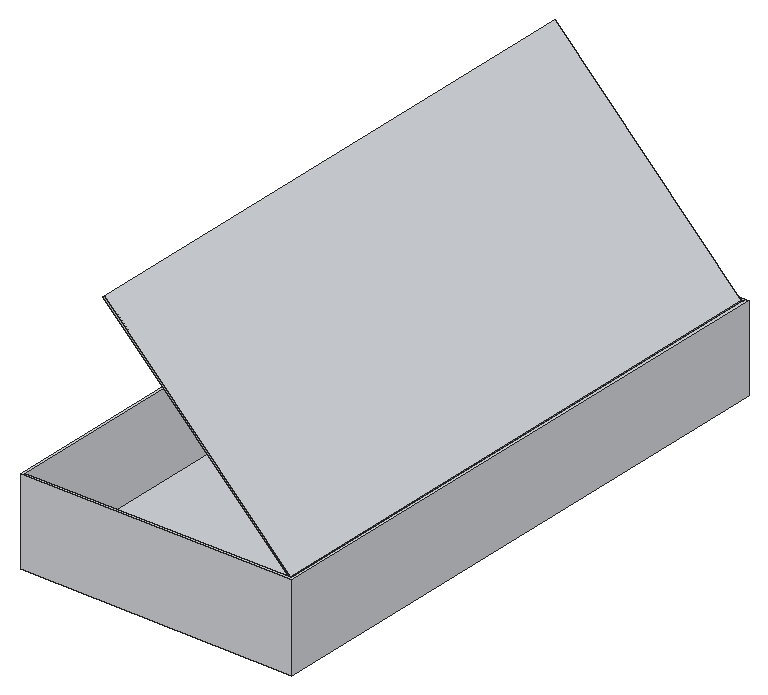
Revit family "Hager-Volta-IP30-Surface_mounted-leer-AT-de", category Electrical Equipment, host Face, Revit 2020
Family settings
  Host = Face
  Panel Configuration = Two Columns, Circuits Across
  Round Connector Dimension = Use Diameter
  Part Type = Panelboard
  Cut with Voids When Loaded = No
  Shared = No
  Room Calculation Point = No
Parameters (values of type "Aufputz IP30 B305 H640 T96.5 12 Teilungseinheiten - VA48WWH")
  Width Control [instance] = if([HG000006 - Unterputz], if([EF000846 - Einbaubreite] > min_whd, [EF000846 - Einbaubreite], min_whd), if([EF000008 - Breite] > min_whd, ([EF000008 - Breite]), min_whd))  # 305 mm
  Void Depth [instance] = if([HG000006 - Unterputz], Depth Control, 1 mm)  # 1 mm
  Type Comments = [HG000003 - Bereich]  # "Volta"
  System Height [instance] = Height Control - 2 * [HG000005 - Dicke]  # 634 mm
  Model = [HG000004 - Herstellerreferenz]  # "VA48WWH"
  HG000017 - Distanz zwischen den Polen = 18 mm
  HG000016 - 3D-Türsichtbarkeit [instance] = yes
  HG000015 - Sichtbarkeit der Türöffnung [instance] = no
  HG000014 - Tür rechts [instance] = yes
  HG000013 - Tür links [instance] = not([HG000014 - Tür rechts])  # no
  HG000012 - Türschwenkwinkel [instance] = 45.00°
  HG000011 - Leere Reihen von unten = no
  HG000010 - Asymmetrische Türen = no
  HG000009 - Doppelflügeligen Tür = no
  HG000008 - Anzahl der leeren Reihen = 0
  HG000007 - Anzahl der leeren Spalten = 0
  HG000006 - Unterputz = no
  HG000005 - Dicke = 3 mm  # constant formula
  HG000004 - Herstellerreferenz = "VA48WWH"
  HG000003 - Bereich = "Volta"
  HG000002 - Mit tür = yes
  HG000001 - Anzahl der Spalten = 0
  EF015941 - Signaldurchlassende Tür = no
  EF015777 - Neutralleiterklemmenblock = no
  EF015776 - Erdungsklemmenblock = no
  EF009212 - Ausführung Deckel = "EV009916 - mit Ausschnitt"
  EF006306 - Mit Schloss = no
  EF006244 - Transparenter Deckel/Tür = no
  EF005474 - Schutzart (IP) = "EV006410 - IP30"
  EF004462 - Art der Schließung = "EV000154 - sonstige"
  EF002950 - Breite in Teilungseinheiten = 12
  EF001596 - Werkstoff des Gehäuses = "EV000154 - sonstige"
  EF001134 - DIN-Schiene = yes
  EF001131 - Innentiefe = 92 mm
  EF001088 - Anbaumöglichkeit = yes
  EF001062 - EMV-Ausführung = no
  EF000846 - Einbaubreite = 0 mm
  EF000339 - Art der Abdeckung = "EV004216 - Tür"
  EF000332 - Einbauhöhe = 0 mm
  EF000266 - Anzahl der Reihen = 0
  EF000218 - Einbautiefe = 0 mm
  EF000118 - Mit Montageplatte = yes
  EF000116 - RAL-Nummer = "9010"
  EF000049 - Tiefe = 96 mm
  EF000040 - Höhe = 640 mm
  EF000008 - Breite = 305 mm
  EF000007 - Farbe = "EV000202 - weiß"
  EF000003 - Montageart = "EV000384 - Aufputz"
  Arrow Offset [instance] = Depth Control / 8  # 12 mm
  Arrow Height [instance] = Depth Control - Arrow Offset  # 84 mm
  Host Offset [instance] = if([HG000006 - Unterputz], 0 mm, [EF000049 - Tiefe])  # 96 mm
  min_whd [instance] = (2 * [HG000005 - Dicke]) + 1 mm  # 7 mm
  Manufacturer = "Hager"  # constant formula
  Height Control [instance] = if([HG000006 - Unterputz], if([EF000332 - Einbauhöhe] > min_whd, [EF000332 - Einbauhöhe], min_whd), if([EF000040 - Höhe] > min_whd, ([EF000040 - Höhe]), min_whd))  # 640 mm
  Flush Mounted - Door Frame Width [instance] = if(([EF000040 - Höhe] - [EF000332 - Einbauhöhe]) > 0 mm, if([HG000006 - Unterputz], [EF000040 - Höhe] - [EF000332 - Einbauhöhe], 0 mm), 0 mm)  # 0 mm
  Depth Control [instance] = if([HG000006 - Unterputz], if([EF000218 - Einbautiefe] > 0 mm, [EF000218 - Einbautiefe], 1 mm), if([EF000049 - Tiefe] > 0 mm, ([EF000049 - Tiefe]), 1 mm))  # 96 mm
  Default Elevation = 0 mm
Types (4, lengths in mm): name | System Height | Model | HG000004 - Herstellerreferenz | EF000040 - Höhe | Height Control
  Aufputz IP30 B305 H515 T96.5 12 Teilungseinheiten - VA36NW | 509 | "VA36NW" | "VA36NW" | 515 | 515
  Aufputz IP30 B305 H515 T96.5 12 Teilungseinheiten - VA36WWH | 509 | "VA36WWH" | "VA36WWH" | 515 | 515
  Aufputz IP30 B305 H640 T96.5 12 Teilungseinheiten - VA48NW | 634 | "VA48NW" | "VA48NW" | 640 | 640
  Aufputz IP30 B305 H640 T96.5 12 Teilungseinheiten - VA48WWH | 634 | "VA48WWH" | "VA48WWH" | 640 | 640
Reference planes
  plane 1 "Center (Front/Back)": y = 0
  plane 2: z = 0
  plane 3 "Center (Left/Right)": x = 0
  plane 4: z = 96
  plane 5: y = 3
  plane 6: z = 91
  plane 7: y = 320
  plane 8: y = 0
  plane 9: y = 640
  plane 10: z = 0
  plane 11: x = -152.5
  plane 12: x = 152.5
  plane 13: x = 149.5
  plane 14: x = -149.5
  plane 15: y = 637
  plane 16: z = 3
  plane 17: z = 93
  plane 18: z = -1
  plane 19: z = 93
Forms (mm)
  Extrusion 1, solid
    sketch origin (-583.045, 0, 1219.2) x (-1, 0, 0) y (0, 0, 1)
      loop
        line (-430.545, -1123.2) -> (-735.545, -1123.2) -> (-735.545, -1219.2) -> (-430.545, -1219.2) -> (-430.545, -1123.2)
    from 0 to 640 <- "Height Control"
  Extrusion 2, void
    sketch origin (-381.607, -4572, 96) x (0, -1, 0) y (-1, 0, 0)
      loop
        line (-5209, -232.107) -> (-5209, -531.107) -> (-4575, -531.107) -> (-4575, -232.107) -> (-5209, -232.107)
    from 0 to 93
  Extrusion 3, void
    sketch origin (0, 0, 0) x (1, 0, 0) y (0, 1, 0)
      loop
        line (-152.5, 0) -> (152.5, 0) -> (152.5, 640) -> (-152.5, 640) -> (-152.5, 0)
    from -1 to 1
  Extrusion 4, solid, detail levels coarse+medium
    sketch origin (-381.607, -4572, 96) x (-1, 0, 0) y (0, -1, 0)
      loop
        line (-232.107, -5209) -> (-232.107, -4575) -> (-531.107, -4575) -> (-531.107, -5209) -> (-232.107, -5209)
    from 0 to -3
Cuts and joins
  Extrusion 2 cuts Extrusion 1
Dimensions and locks
  plane 4 to plane 6 = 5 mm
  "Host Offset": plane 4 to host face
  "Flush Mounted - Door Frame Width": plane 1 "Center (Front/Back)" to plane 8
  "HG000005 - Dicke": plane 5 to plane 8
  locked: connector elem to plane 3 "Center (Left/Right)"
  "Height Control": plane 9 to plane 8
  equal spacing: plane 9, plane 7, plane 8
  locked: connector elem to plane 7
  "Depth Control": plane 4 to plane 10
  "HG000005 - Dicke": plane 11 to plane 14
  "HG000005 - Dicke": plane 12 to plane 13
  equal spacing: plane 11, plane 3 "Center (Left/Right)", plane 12
  "Width Control": plane 11 to plane 12
  "Arrow Offset": nested 4 to plane 10
  "HG000005 - Dicke": plane 9 to plane 15
  "HG000005 - Dicke": plane 16 to plane 10
  "HG000005 - Dicke": plane 4 to plane 17
  "Void Depth": plane 2 to plane 18
  "HG000005 - Dicke": plane 4 to plane 19
  aligned and locked: plane 2 to host face
  aligned and locked: level to host face
  aligned and locked: plane 3 "Center (Left/Right)" to nested 2
  aligned and locked: plane 4 to nested 2
  aligned and locked: nested 2 to plane 8
  aligned and locked: nested 1 to plane 6
  aligned and locked: plane 5 to nested 1
  aligned and locked: nested 4 to plane 11
  aligned and locked: nested 3 to plane 4
  aligned and locked: Extrusion 1 sketch curve to plane 12
  aligned and locked: Extrusion 1 sketch curve to plane 11
  aligned and locked: nested 3 to plane 10
  aligned and locked: plane 10 to Extrusion 1 sketch curve
  aligned and locked: plane 5 to Extrusion 2 sketch curve
  aligned and locked: Extrusion 2 sketch curve to plane 15
  aligned and locked: Extrusion 2 sketch curve to plane 14
  aligned and locked: Extrusion 2 sketch curve to plane 13
  aligned and locked: plane 11 to Extrusion 3 sketch curve
  aligned and locked: plane 9 to Extrusion 3 sketch curve
  aligned and locked: Extrusion 3 sketch curve to plane 8
  aligned and locked: plane 12 to Extrusion 3 sketch curve
  aligned and locked: nested 3 to plane 12
  aligned and locked: Extrusion 3 to plane 18
  aligned and locked: Extrusion 2 to plane 16
  aligned and locked: Extrusion 1 sketch curve to plane 4
  aligned and locked: Extrusion 4 to plane 17
  aligned and locked: Extrusion 4 sketch curve to plane 15
  aligned and locked: Extrusion 4 sketch curve to plane 13
  aligned and locked: Extrusion 4 sketch curve to plane 14
  aligned and locked: plane 5 to Extrusion 4 sketch curve
Automatic sketch dimensions
  host sketch curve to host sketch curve = 1469.727 mm
  host sketch curve to host sketch curve = 1434.803 mm
Nested families
  nested 1: "Hager_Enclosure_System" at (0, 3, 91) x (1, 0, 0) z (0, 1, 0), Depth <- "HG000005 - Dicke", Height <- "System Height", Width <- "EF000008 - Breite", Border <- "HG000005 - Dicke", Flush_Mounted <- "HG000006 - Unterputz", Built-in_Width <- "EF000846 - Einbaubreite", Row_Module_Multiplicator <- "EF002950 - Breite in Teilungseinheiten", Total_No_Empty_Rows <- "HG000008 - Anzahl der leeren Reihen", Total_No_Rows <- "EF000266 - Anzahl der Reihen", Empty_Columns <- "HG000007 - Anzahl der leeren Spalten", Width_Control <- "Width Control", Empty_Rows_From_Bottom <- "HG000011 - Leere Reihen von unten", Distance_Between_Poles <- "HG000017 - Distanz zwischen den Polen", Rows_Count <- "EF000266 - Anzahl der Reihen", Columns_Count <- "HG000001 - Anzahl der Spalten", type "Hager_Enclosure_System", detail levels fine
    with Width_Control 305 mm, Width 305 mm, Total_No_Rows 0, Total_No_Empty_Rows 0, Total_No_Columns 1, System_Width 299 mm, Rows_Count 0, Rows_Column 0, Row_Module_Multiplicator 12, Panel_4 no, Panel_3 no, Panel_2 no, Panel_1 no, No_Panels_Ctrl 1, Hide_Columns yes, Height 634 mm, Flush_Mounted no, Empty_Rows_From_Bottom no, Empty_Rows_Column 0, Empty_Columns 0, Distance_Between_Poles 18 mm, Depth 3 mm, Columns_Count 0, Column_Width 299 mm, Built-in_Width 0 mm, Border 3 mm
  nested 2: "Hager_Enclosure_Door" at (0, 0, 96) x (1, 0, 0) z (0, 1, 0), Border <- "HG000005 - Dicke", Door_Right <- "HG000014 - Tür rechts", Flush_Mounted <- "HG000006 - Unterputz", Depth <- "EF000049 - Tiefe", Width <- "EF000008 - Breite", Door_Left <- "HG000013 - Tür links", 3d_Door <- "HG000016 - 3D-Türsichtbarkeit", BuiltIn_Width <- "EF000846 - Einbaubreite", BuiltIn_Height <- "EF000332 - Einbauhöhe", BuiltIn_Depth <- "EF000218 - Einbautiefe", Angle <- "HG000012 - Türschwenkwinkel", Assymetrical <- "HG000010 - Asymmetrische Türen", Double <- "HG000009 - Doppelflügeligen Tür", Clearance <- "HG000015 - Sichtbarkeit der Türöffnung", Transparent <- "EF006244 - Transparenter Deckel/Tür", Door <- "HG000002 - Mit tür", Height_Ctrl <- "Height Control", Width_Ctrl <- "Width Control", Height <- "EF000040 - Höhe", type "Hager_Enclosure_Door", detail levels medium+fine
    with min_wh 7 mm, Width_Ctrl 305 mm, Width 305 mm, Transparent_Door_No_Bottom_Border no, Transparent no, Leaf_Width 296 mm, Leaf_Tolerance 1.5 mm, Leaf_Height 631 mm, Leaf_2_Width 296 mm, Leaf_2_Offset 148 mm, Leaf_1_Width 296 mm, Leaf_1_Offset 148 mm, Height_Ctrl 640 mm, Height 640 mm, Frame_Width_Ctrl 305 mm, Frame_Width 305 mm, Frame_Internal_Offset 0 mm, Frame_Height_Ctrl 640 mm, Frame_Height 640 mm, Frame_Depth_Ctrl 1 mm, Frame_Depth 0 mm, Flush_Mounted no, Double_Clearance_Ctrl no, Double no, Door_Right_Ctrl yes, Door_Right yes, Door_Left_Ctrl no, Door_Left no, Door yes, Depth 96 mm, Clearance_Depth 296 mm, Clearance_Ctrl no, Clearance no, BuiltIn_Width 0 mm, BuiltIn_Height 0 mm, BuiltIn_Depth 0 mm, Border 3 mm, Assymetrical no, Angle 45.00°, 3d_Door yes
  nested 3: "Hager_Enclosure_Symbol_Triangle" at (-152.5, 0, 0) x (1, 0, 0) z (0, -1, 0), Depth <- "Depth Control", Width <- "Width Control", type "Hager_Enclosure_Symbol_Triangle"
    with Width_Ctrl 305 mm, Width 305 mm, Depth_Ctrl 96 mm, Depth 96 mm
  nested 4: "Hager_Enclosure_Symbol_Arrow" at (-152.5, 0, 12) x (1, 0, 0) z (0, -1, 0), Height <- "Arrow Height", type "Hager_Enclosure_Symbol_Arrow"
    with Width_Inside 6.3 mm, Width 75.6 mm, Height_Ctrl 84 mm, Height 84 mm
Connectors
  electrical at (0, 320, 0)
    settings: on plane 10, index 1, voltage 0 V, apparent load 0 VA, apparent load phase1 0 VA, apparent load phase2 0 VA, apparent load phase3 0 VA, power factor 1, load classification "Other", number of poles 1, system type 30, power factor state 1, is connector primary yes, connector utility no, sub classification motor no, connector description ""
Definition of nested family "Hager_Enclosure_Door"
  Parameters (values of type "Hager_Enclosure_Door")
    min_wh [instance] = (2 * Border) + 1 mm  # 11 mm
    Width_Ctrl [instance] = 400 mm
    Width [instance] = 500 mm
    Transparent_Door_No_Bottom_Border [instance] = no
    Transparent [instance] = yes
    Leaf_Width [instance] = if((Width_Ctrl - 2 * Border - 2 * Leaf_Tolerance) > 0 mm, (Width_Ctrl - 2 * Border - 2 * Leaf_Tolerance), min_wh)  # 387 mm
    Leaf_Tolerance [instance] = 1.5 mm  # constant formula
    Leaf_Height [instance] = if((Height_Ctrl - 2 * Border - 2 * Leaf_Tolerance) > 0 mm, (Height_Ctrl - 2 * Border - 2 * Leaf_Tolerance), min_wh)  # 387 mm
    Leaf_2_Width [instance] = if(and(and(Double, Assymetrical), Door_Left), (Leaf_Width / 3) - (Leaf_Tolerance / 2), if(and(and(Double, Assymetrical), Door_Right), (Leaf_Width / 3) * 2 - (Leaf_Tolerance / 2), if(and(Double, not(Assymetrical)), (Leaf_Width / 2) - Leaf_Tolerance, Leaf_Width)))  # 387 mm
    Leaf_2_Offset [instance] = if(and(Double, Assymetrical), Leaf_2_Width / 2, if(and(Double, not(Assymetrical)), Leaf_Width / 4, Leaf_Width / 2))  # 193.5 mm
    Leaf_1_Width [instance] = if(and(and(Double, Assymetrical), Door_Right), (Leaf_Width / 3) - (Leaf_Tolerance / 2), if(and(and(Double, Assymetrical), Door_Left), (Width / 3) * 2 - (Leaf_Tolerance / 2), if(and(Double, not(Assymetrical)), (Leaf_Width / 2) - Leaf_Tolerance, Leaf_Width)))  # 387 mm
    Leaf_1_Offset [instance] = if(and(Double, Assymetrical), Leaf_1_Width / 2, if(and(Double, not(Assymetrical)), Leaf_Width / 4, Leaf_Width / 2))  # 193.5 mm
    Height_Ctrl [instance] = 400 mm
    Height [instance] = 500 mm
    Frame_Width_Ctrl [instance] = if(Frame_Width > 0 mm, Frame_Width, 1 mm)  # 1 mm
    Frame_Width [instance] = Width - BuiltIn_Width  # 0 mm
    Frame_Internal_Offset [instance] = if(Flush_Mounted, Border, 0 mm)  # 5 mm
    Frame_Height_Ctrl [instance] = if(Frame_Height > 0 mm, Frame_Height, 1 mm)  # 1 mm
    Frame_Height [instance] = Height - BuiltIn_Height  # 0 mm
    Frame_Depth_Ctrl [instance] = if(Frame_Depth > 0 mm, Frame_Depth, 1 mm)  # 1 mm
    Frame_Depth [instance] = if(Depth - BuiltIn_Depth > 0 mm, if(Flush_Mounted, Depth - BuiltIn_Depth, 0 mm), 0 mm)  # 0 mm
    Flush_Mounted [instance] = yes
    Double_Clearance_Ctrl [instance] = and(Double, Clearance)  # no
    Double [instance] = no
    Door_Right_Ctrl [instance] = and(or(Door_Right, Double), Door)  # yes
    Door_Right [instance] = yes
    Door_Left_Ctrl [instance] = and(or(Door_Left, Double), Door)  # no
    Door_Left [instance] = no
    Door [instance] = yes
    Depth [instance] = 500 mm
    Default Elevation = 1219.2 mm
    Clearance_Material = none
    Clearance_Depth [instance] = if(Leaf_1_Width > Leaf_2_Width, Leaf_1_Width, Leaf_2_Width)  # 387 mm
    Clearance_Ctrl [instance] = and(not(Double), Clearance)  # yes
    Clearance [instance] = yes
    BuiltIn_Width [instance] = 500 mm
    BuiltIn_Height [instance] = 500 mm
    BuiltIn_Depth [instance] = 500 mm
    Border [instance] = 5 mm
    Assymetrical [instance] = yes
    Angle [instance] = 30.00°
    3d_Door [instance] = yes
  Reference planes
    plane 1 "Center (Front/Back)": y = 0
    plane 2 "Bottom": z = 0
    plane 3 "Center (Left/Right)": x = 0
    plane 4: z = 400
    plane 5: x = -200
    plane 6: x = 200
    plane 7: z = 395
    plane 8: x = -195
    plane 9: z = 5
    plane 10: x = 195
    plane 11: y = 0
    plane 12: z = 6.5
    plane 13: x = -582
    plane 14: y = -387
    plane 15: x = 582
    plane 16: x = 0
    plane 17: x = 0
    plane 18: x = -193.5
    plane 19: x = 193.5
    plane 20: z = 393.5
  Forms (mm)
    Extrusion 1, solid, visible <- "Flush_Mounted"
      sketch origin (0, 0, 0) x (1, 0, 0) y (0, 0, 1)
        loop
          line (195, 5) -> (195, 395) -> (-195, 395) -> (-195, 5) -> (195, 5)
        loop
          line (-201, 401) -> (-201, -1) -> (201, -1) -> (201, 401) -> (-201, 401)
      from 0 to 1 <- "Frame_Depth_Ctrl"
    Extrusion 2, solid, material <- "Clearance_Material", visible <- "Double_Clearance_Ctrl"
      sketch origin (1200, 0, 0) x (1, 0, 0) y (0, 0, -1)
        loop
          line (-1782, -393.5) -> (-618, -393.5) -> (-618, 0) -> (-1782, 0) -> (-1782, -393.5)
      from 0 to -387
  Dimensions and locks
    equal spacing: plane 5, plane 3 "Center (Left/Right)", plane 6
    "Width_Ctrl": plane 5 to plane 6
    "Border": plane 5 to plane 8
    "Border": plane 6 to plane 10
    "Border": plane 9 to level
    "Border": plane 4 to plane 7
    "Height_Ctrl": plane 4 to level
    "Leaf_Tolerance": plane 12 to plane 9
    "Frame_Depth": plane 11 to plane 1 "Center (Front/Back)"
    "Frame_Width_Ctrl": plane 5 to Extrusion 1 sketch curve
    "Frame_Width_Ctrl": plane 6 to Extrusion 1 sketch curve
    "Frame_Width_Ctrl": Extrusion 1 sketch curve to plane 4
    "Frame_Width_Ctrl": plane 2 "Bottom" to Extrusion 1 sketch curve
    "Leaf_1_Offset": plane 18 to plane 16
    "Leaf_2_Offset": plane 17 to plane 19
    "Leaf_1_Width": plane 13 to plane 8
    "Leaf_2_Width": plane 10 to plane 15
    "Clearance_Depth": plane 14 to plane 1 "Center (Front/Back)"
    "Leaf_Tolerance": plane 8 to plane 18
    "Leaf_Tolerance": plane 19 to plane 10
    "Leaf_Tolerance": plane 7 to plane 20
    "Frame_Internal_Offset": plane 5 to Extrusion 1 sketch curve
    "Frame_Internal_Offset": Extrusion 1 sketch curve to plane 2 "Bottom"
    "Frame_Internal_Offset": plane 6 to Extrusion 1 sketch curve
    "Frame_Internal_Offset": plane 4 to Extrusion 1 sketch curve
    aligned and locked: level to plane 2 "Bottom"
    aligned and locked: nested 1 to plane 16
    aligned and locked: nested 2 to plane 17
    aligned and locked: Extrusion 2 to plane 13
    aligned and locked: plane 15 to Extrusion 2
    aligned and locked: Extrusion 2 to plane 14
    aligned and locked: plane 12 to nested 1
    aligned and locked: nested 2 to plane 12
    aligned and locked: Extrusion 2 to plane 11
    aligned and locked: plane 20 to Extrusion 2
    aligned and locked: nested 2 to plane 11
    aligned and locked: nested 1 to plane 11
  Automatic sketch dimensions
    Extrusion 2 sketch curve to level = 0 mm
    plane 5 to Extrusion 2 sketch curve = 382 mm
    plane 6 to Extrusion 2 sketch curve = 382 mm
    Extrusion 2 sketch curve to plane 4 = 6.5 mm
  Nested families
    nested 1: "Hager_Enclosure_Door_Leaf" at (0, 0, 6.5), Width <- "Leaf_1_Width", visible <- "Door_Left_Ctrl", Leaf_Height <- "Leaf_Height", Angle <- "Angle", Depth <- "Border", 3d_Door <- "3d_Door", Transparent <- "Transparent", Clearance Material <- "Clearance_Material", Clearance <- "Clearance_Ctrl", Transparent_Door_No_Bottom_Border <- "Transparent_Door_No_Bottom_Border", type "Hager_Enclosure_Door_Leaf"
      with Width 387 mm, Transparent_Door_No_Bottom_Border no, Transparent_Door_Border_Bottom_Top 25 mm, Transparent_Door_Border 25 mm, Transparent_Ctrl yes, Transparent yes, Standard no, Leaf_Height 387 mm, Glass_Offset 1 mm, Depth 5 mm, Clearance Material none, Clearance yes, Angle_Ctrl 30.00°, Angle 30.00°, 3d_Door yes
    nested 2: "Hager_Enclosure_Door_Leaf" at (0, 0, 6.5) x (-1, 0, 0) z (0, 0, 1), Width <- "Leaf_2_Width", visible <- "Door_Right_Ctrl", Leaf_Height <- "Leaf_Height", Angle <- "Angle", Depth <- "Border", 3d_Door <- "3d_Door", Transparent <- "Transparent", Clearance Material <- "Clearance_Material", Clearance <- "Clearance_Ctrl", Transparent_Door_No_Bottom_Border <- "Transparent_Door_No_Bottom_Border", type "Hager_Enclosure_Door_Leaf"
      with Width 387 mm, Transparent_Door_No_Bottom_Border no, Transparent_Door_Border_Bottom_Top 25 mm, Transparent_Door_Border 25 mm, Transparent_Ctrl yes, Transparent yes, Standard no, Leaf_Height 387 mm, Glass_Offset 1 mm, Depth 5 mm, Clearance Material none, Clearance yes, Angle_Ctrl 30.00°, Angle 30.00°, 3d_Door yes
  Definition of nested family "Hager_Enclosure_Door_Leaf"
    Parameters (values of type "Hager_Enclosure_Door_Leaf")
      Width [instance] = 2000 mm
      Transparent_Door_No_Bottom_Border [instance] = yes
      Transparent_Door_Border_Bottom_Top [instance] = if(Transparent_Door_No_Bottom_Border, 0.1 mm, Transparent_Door_Border)  # 0.1 mm
      Transparent_Door_Border [instance] = if(Transparent_Door_No_Bottom_Border, (Width * 0.12), 25 mm)  # 240 mm
      Transparent_Ctrl [instance] = and(Transparent, [3d_Door])  # yes
      Transparent [instance] = yes
      Standard [instance] = and(not(Transparent), [3d_Door])  # no
      Leaf_Height [instance] = 2720.336 mm
      Glass_Offset [instance] = if((Depth - 10 mm) / 2 > 0 mm, (Depth - 10 mm) / 2, 1 mm)  # 15 mm
      Glass_Material = none
      Depth [instance] = 40 mm
      Default Elevation = 0 mm
      Clearance Material [instance] = none
      Clearance [instance] = yes
      Angle_Ctrl [instance] = if(Angle > 170.00°, 170.00°, Angle)  # 45.00°
      Angle [instance] = 45.00°
      3d_Door [instance] = yes
    Reference planes
      plane 1 "Center (Front/Back)": y = 0
      plane 2: z = 0
      plane 3 "Center (Left/Right)": x = 0
      plane 4: y = 2000
      plane 5: x = -1000
      plane 6: x = 1000
      plane 7: x = -3000
      plane 8: z = 2720.336
      plane 9: z = 0.1
      plane 10: z = 2720.236
      plane 11: x = 760
      plane 12: x = -760
    Forms (mm)
      Extrusion 1, solid, material <- "Clearance Material", visible <- "Clearance"
        sketch origin (0, 0, 0) x (1, 0, 0) y (0, 0, 1)
          loop
            line (-3000, 2720.336) -> (-3000, 0) -> (1000, 0) -> (1000, 2720.336) -> (-3000, 2720.336)
        from 0 to -2000
      Extrusion 2, solid, visible <- "Standard", detail levels medium+fine
        sketch origin (-1000, 0, 0) x (0.707107, 0.707107, 0) y (-0.707107, 0.707107, 0)
          loop
            line (0, -40) -> (2000, -40) -> (2000, 0) -> (0, 0) -> (0, -40)
        from 0 to 2720.336 <- "Leaf_Height"
      Extrusion 3, solid, visible <- "Transparent_Ctrl", detail levels medium+fine
        sketch origin (-1000, 0, 0) x (0.707107, 0.707107, 0) y (-0.707107, 0.707107, 0)
          loop
            line (0, -40) -> (2000, -40) -> (2000, 0) -> (0, 0) -> (0, -40)
        from 0 to 2720.336 <- "Leaf_Height"
      Extrusion 4, void, detail levels medium+fine
        sketch origin (-1000, 0, 0) x (-0.707107, 0.707107, 0) y (0.707107, 0.707107, 0)
          loop
            line (0, 240) -> (0, 1760) -> (-40, 1760) -> (-40, 240) -> (0, 240)
        from -2720.236 to -0.1
      Extrusion 5, solid, material <- "Glass_Material", visible <- "Transparent_Ctrl", detail levels medium+fine
        sketch origin (-1000, 0, 0) x (0.707107, 0.707107, 0) y (-0.707107, 0.707107, 0)
          loop
            line (240, -15) -> (240, -25) -> (1760, -25) -> (1760, -15) -> (240, -15)
        from 0.1 to 2720.236
    Cuts and joins
      Extrusion 4 cuts Extrusion 3
    Lines and regions (mm)
      symbolic lines
        curve 1: line (1000, 0, 0) -> (-3000, 0, 0)
        curve 2: arc (1000, 0, 0) -> (-1000, 2000, 0) -> (-3000, 0, 0) r 2000
        curve 4: line (-1000, 0, 0) -> (414.214, 1414.214, 0)
      reference lines
        curve 3: line (-1000, 0, 0) -> (414.214, 1414.214, 0)
      symbolic lines, detail levels medium+fine
        curve 5: line (414.214, 1414.214, 0) -> (442.498, 1385.929, 0)
        curve 6: line (442.498, 1385.929, 0) -> (-971.716, -28.284, 0)
        curve 7: line (-971.716, -28.284, 0) -> (-1000, 0, 0)
        curve 8: line (-1000, 0, 2720.336) -> (1000, 0, 2720.336)
        curve 9: line (-1000, 0, 0) -> (-1000, 0, 2720.336)
        curve 10: line (1000, 0, 0) -> (-1000, 0, 0)
        curve 11: line (1000, 0, 2720.336) -> (1000, 0, 0)
      symbolic lines, visible <- "Transparent_Ctrl", detail levels medium+fine
        curve 12: line (-760, 0, 2720.236) -> (760, 0, 2720.236)
        curve 13: line (-760, 0, 0.1) -> (-760, 0, 2720.236)
        curve 14: line (760, 0, 0.1) -> (-760, 0, 0.1)
        curve 15: line (760, 0, 2720.236) -> (760, 0, 0.1)
    Dimensions and locks
      "Width": plane 1 "Center (Front/Back)" to plane 4
      equal spacing: plane 5, plane 3 "Center (Left/Right)", plane 6
      "Width": plane 5 to plane 6
      "Width": plane 7 to plane 5
      "Leaf_Height": plane 8 to level
      "Depth": curve 6 to curve 3
      "Width": curve 5 to curve 3
      "Width": curve 3 to curve 3
      "Transparent_Door_Border": Extrusion 4 sketch curve to curve 7
      "Transparent_Door_Border": Extrusion 4 sketch curve to curve 5
      "Transparent_Door_Border_Bottom_Top": plane 8 to plane 10
      "Transparent_Door_Border_Bottom_Top": plane 9 to level
      "Glass_Offset": Extrusion 5 sketch curve to curve 4
      "Glass_Offset": Extrusion 5 sketch curve to curve 6
      "Transparent_Door_Border": Extrusion 5 sketch curve to curve 5
      "Transparent_Door_Border": Extrusion 5 sketch curve to curve 7
      "Transparent_Door_Border": plane 12 to plane 5
      "Transparent_Door_Border": plane 6 to plane 11
      "Angle_Ctrl": angle plane 1 "Center (Front/Back)" to curve 3
      aligned and locked: level to plane 2
      aligned and locked: Extrusion 1 to curve 1
      aligned and locked: plane 6 to Extrusion 1
      aligned and locked: Extrusion 1 to plane 1 "Center (Front/Back)"
      aligned and locked: plane 4 to Extrusion 1
      aligned and locked: plane 8 to Extrusion 1
      aligned and locked: curve 4 to curve 3
      aligned and locked: Extrusion 2 sketch curve to curve 7
      aligned and locked: Extrusion 2 sketch curve to curve 6
      aligned and locked: Extrusion 2 sketch curve to curve 5
      aligned and locked: Extrusion 2 sketch curve to curve 3
      aligned and locked: curve 7 to Extrusion 3 sketch curve
      aligned and locked: Extrusion 3 sketch curve to curve 4
      aligned and locked: Extrusion 3 sketch curve to curve 6
      aligned and locked: Extrusion 3 sketch curve to curve 5
      aligned and locked: curve 4 to Extrusion 4 sketch curve
      aligned and locked: curve 6 to Extrusion 4 sketch curve
      aligned and locked: Extrusion 4 to plane 9
      aligned and locked: Extrusion 4 to plane 10
      aligned and locked: Extrusion 5 to plane 9
      aligned and locked: Extrusion 5 to plane 10
      aligned and locked: curve 8 to plane 8
      aligned and locked: plane 5 to curve 9
      aligned and locked: plane 2 to curve 10
      aligned and locked: curve 11 to plane 6
      aligned and locked: plane 10 to curve 12
      aligned and locked: plane 12 to curve 13
      aligned and locked: curve 14 to plane 9
      aligned and locked: plane 11 to curve 15
    Automatic sketch dimensions
      plane 1 "Center (Front/Back)" to curve 2 = 0 mm
      curve 2 to plane 5 = 0 mm
      Extrusion 1 sketch curve to level = 0 mm
      Extrusion 1 sketch curve to plane 7 = 0 mm
      Extrusion 1 sketch curve to plane 6 = 0 mm
      Extrusion 1 sketch curve to plane 8 = 0 mm
      plane 1 "Center (Front/Back)" to curve 3 = 0 mm
      curve 3 to plane 5 = 0 mm
      curve 7 to curve 3 = 0 mm
Definition of nested family "Hager_Enclosure_Symbol_Triangle"
  Parameters (values of type "Hager_Enclosure_Symbol_Triangle")
    Width_Ctrl [instance] = if(Width > 1 mm, Width, 1 mm)  # 498 mm
    Width [instance] = 498 mm
    Depth_Ctrl [instance] = if(Depth > 1 mm, Depth, 1 mm)  # 72 mm
    Depth [instance] = 72 mm
  Reference planes
    plane 1 "Centre (avant/arrière)": y = 0
    plane 2: z = 0
    plane 3 "Centre (gauche/droite)": x = 0
  Lines and regions (mm)
    Filled region 1, type "Solid_Black", in view "Niveau de réf."
      outline origin (0, 0, 0) x (1, 0, 0) y (0, 1, 0)
        loop
          line (0, 0) -> (498, 0) -> (498, 72) -> (0, 0)
    reference lines, in view "Niveau de réf."
      curve 1: line (-206.153, 72, 0) -> (1083.258, 72, 0)
      curve 2: line (498, 405.456, 0) -> (498, -517.619, 0)
  Dimensions and locks
    "Depth_Ctrl": plane 1 "Centre (avant/arrière)" to curve 1
    "Width_Ctrl": plane 3 "Centre (gauche/droite)" to curve 2
    aligned and locked: curve 1 to Filled region 1 sketch curve
    aligned and locked: Filled region 1 sketch curve to plane 1 "Centre (avant/arrière)"
    aligned and locked: curve 2 to Filled region 1 sketch curve
    aligned and locked: plane 3 "Centre (gauche/droite)" to Filled region 1 sketch curve
    aligned and locked: plane 1 "Centre (avant/arrière)" to Filled region 1 sketch curve
  Automatic sketch dimensions
    curve 1 to plane 3 "Centre (gauche/droite)" = 206.153 mm
    curve 2 to curve 1 = 585.258 mm
    plane 1 "Centre (avant/arrière)" to curve 2 = 517.619 mm
    curve 2 to plane 1 "Centre (avant/arrière)" = 405.456 mm
Definition of nested family "Hager_Enclosure_Symbol_Arrow"
  Parameters (values of type "Hager_Enclosure_Symbol_Arrow")
    Width_Inside [instance] = if(Width / 12 > 2 mm, Width / 12, 2 mm)  # 4.987 mm
    Width [instance] = if(Height_Ctrl * 0.9 > 2 mm, Height_Ctrl * 0.9, 2 mm)  # 59.85 mm
    Height_Ctrl [instance] = if(Height > 2 mm, Height, 2 mm)  # 66.5 mm
    Height [instance] = 66.5 mm
  Reference planes
    plane 1 "Centre (avant/arrière)": y = 0
    plane 2: z = 0
    plane 3 "Centre (gauche/droite)": x = 0
    plane 4: x = 59.85
    plane 5: y = 28.263
    plane 6: y = 38.238
    plane 7: y = 66.5
    plane 8: x = 29.925
    plane 9: y = 33.25
  Lines and regions (mm)
    Filled region 1, type "Solid_Black", in view "Niveau de réf."
      outline origin (0, 0, 0) x (1, 0, 0) y (0, 1, 0)
        loop
          line (59.85, 66.5) -> (37.929, 52.827) -> (51.846, 41.935) -> (59.85, 66.5)
    detail lines, in view "Niveau de réf."
      curve 1: line (0, 0, 0) -> (29.925, 38.238, 0)
      curve 2: line (29.925, 38.238, 0) -> (29.925, 28.263, 0)
      curve 3: line (29.925, 28.263, 0) -> (59.85, 66.5, 0)
  Dimensions and locks
    "Width": plane 3 "Centre (gauche/droite)" to plane 4
    "Height_Ctrl": plane 7 to plane 1 "Centre (avant/arrière)"
    equal spacing: plane 3 "Centre (gauche/droite)", plane 8, plane 4
    equal spacing: plane 7, plane 9, plane 1 "Centre (avant/arrière)"
    equal spacing: plane 6, plane 9, plane 5
    "Width_Inside": plane 6 to plane 9
    equal spacing: curve 3, Filled region 1 sketch curve, Filled region 1 sketch curve
    angle Filled region 1 sketch curve to curve 3 = 20.00°
    angle curve 3 to Filled region 1 sketch curve = 20.00°
    locked: curve 3 to Filled region 1 sketch curve (angle 90.00°)
  Automatic sketch dimensions
    plane 1 "Centre (avant/arrière)" to curve 1 = 0 mm
    curve 1 to plane 3 "Centre (gauche/droite)" = 0 mm
    curve 2 to plane 6 = 0 mm
    curve 3 to plane 8 = 0 mm
    curve 3 to plane 4 = 0 mm
    curve 2 to plane 5 = 0 mm
    curve 3 to plane 7 = 0 mm
    Filled region 1 sketch curve to plane 4 = 0 mm
    Filled region 1 sketch curve to plane 7 = 0 mm
